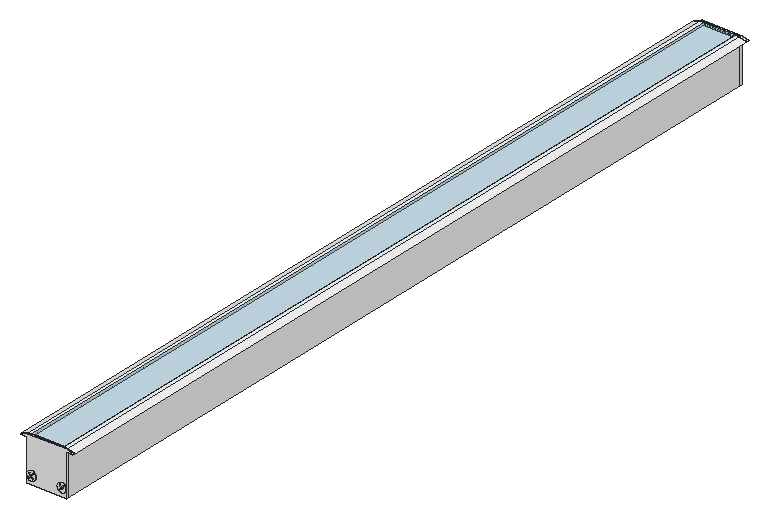
Revit family "LLED-RCR-4RF", category Lighting Fixtures, Revit 2017
Family settings
  Round Connector Dimension = Use Diameter
  Part Type = Normal
  OmniClass Number = 23.80.70.00
  OmniClass Title = Lighting
  Work Plane-Based = No
  Always vertical = Yes
  Cut with Voids When Loaded = No
  Light Source = Yes
  Shared = No
  Room Calculation Point = No
Parameters (values of type "LLED-RCR")
  Wattage = 9.2903 W
  built-in parameter 1150110 = 1 (stored number, unit not read)
  built-in parameter 1114217 = 1 (stored number, unit not read)
  Tilt Angle = 60.00°
  built-in parameter 1150109 = 1 (stored number, unit not read)
  built-in parameter 1150134 = 3
  built-in parameter 1150113 = 1 (stored number, unit not read)
  Photometric Web File = "generic"
  built-in parameter 1150142 = (empty or 0)
  built-in parameter 1150105 = 109.82 (stored number, unit not read)
  Lumens = 1380 lm
  built-in parameter 1150115 = 1 (stored number, unit not read)
  built-in parameter 1150137 = (empty or 0)
  built-in parameter 1150139 = (empty or 0)
  Length = 24.00"
  built-in parameter 1150112 = 1 (stored number, unit not read)
  built-in parameter 1150114 = 1 (stored number, unit not read)
  built-in parameter 1150132 = (empty or 0)
  built-in parameter 1150102 = (empty or 0)
  built-in parameter 1150107 = 3200 (stored number, unit not read)
  built-in parameter 1150138 = (empty or 0)
  built-in parameter 1150106 = 1.0982 (stored number, unit not read)
  Fixture Cap = Fixture Cap
  Fixture = Fixture
  Emit from Line Length = Length  # 24.00"
  built-in parameter 1150104 = 13.8 (stored number, unit not read)
  Dimming Lamp Color Temperature Shift = <None>
  Color Filter = 16777215
  built-in parameter 1114218 = 1 (stored number, unit not read)
  built-in parameter 1150133 = 10 (stored number, unit not read)
Reference planes (in)
  plane 1 "Light Source Axis (F/B)": y = 0
  plane 2: z = 0
  plane 3 "Light Source Axis (L/R)": x = 0
  plane 4 "Light Source Elevation": z = 84.35325
  plane 5: y = 12
  plane 6: y = -12
  plane 7: y = 12.05
  plane 8: y = -12.05
Forms (in)
  Extrusion 1, solid, material "Fixture Cap" <- "Fixture Cap"
    sketch origin (-0.34703, -0.38036, -0.00531) x (1, 0, 0) y (0, 0, 1)
      loop
        circle (0.66984, 0.23331) r 0.13
      loop
        line (0.61655, 0.3043) -> (0.59347, 0.28122) -> (0.64297, 0.23173) -> (0.59543, 0.18419) -> (0.61991, 0.15972) -> (0.66744, 0.20725) -> (0.7141, 0.16059) -> (0.73718, 0.18367) -> (0.69051, 0.23033) -> (0.73783, 0.27765) -> (0.71336, 0.30212) -> (0.66604, 0.2548) -> (0.61655, 0.3043)
      loop
        circle (1.5328, 0.23331) r 0.13
      loop
        line (1.58609, 0.3043) -> (1.53659, 0.2548) -> (1.48928, 0.30212) -> (1.46481, 0.27765) -> (1.51212, 0.23033) -> (1.46546, 0.18367) -> (1.48853, 0.16059) -> (1.5352, 0.20725) -> (1.58273, 0.15972) -> (1.6072, 0.18419) -> (1.55967, 0.23173) -> (1.60917, 0.28122) -> (1.58609, 0.3043)
    from 11.66964 to 11.61964
  Extrusion 2, solid, material "Fixture Cap" <- "Fixture Cap"
    sketch origin (-0.34703, 0.38036, -0.00531) x (1, 0, 0) y (0, 0, -1)
      loop
        circle (0.66984, -0.23331) r 0.13
      loop
        line (0.61655, -0.3043) -> (0.66604, -0.2548) -> (0.71336, -0.30212) -> (0.73783, -0.27765) -> (0.69051, -0.23033) -> (0.73718, -0.18367) -> (0.7141, -0.16059) -> (0.66744, -0.20725) -> (0.61991, -0.15972) -> (0.59543, -0.18419) -> (0.64297, -0.23173) -> (0.59347, -0.28122) -> (0.61655, -0.3043)
      loop
        circle (1.5328, -0.23331) r 0.13
      loop
        line (1.58609, -0.3043) -> (1.60917, -0.28122) -> (1.55967, -0.23173) -> (1.6072, -0.18419) -> (1.58273, -0.15972) -> (1.5352, -0.20725) -> (1.48853, -0.16059) -> (1.46546, -0.18367) -> (1.51212, -0.23033) -> (1.46481, -0.27765) -> (1.48928, -0.30212) -> (1.53659, -0.2548) -> (1.58609, -0.3043)
    from 11.66964 to 11.61964
  Extrusion 3, solid, material "Fixture" <- "Fixture"
    sketch origin (-0.45226, 0, -83.4105) x (1, 0, 0) y (0, 0, 1)
      loop
        line (1.77312, 84.6705) -> (1.67179, 84.6705) -> (1.67179, 84.59757) -> (0.74312, 84.59757) -> (0.74312, 84.6705) -> (0.64312, 84.6705) -> (0.45312, 84.59757) -> (0.64312, 84.59757) -> (0.64312, 83.4105) -> (1.77312, 83.4105) -> (1.77312, 84.59757) -> (1.96312, 84.59757) -> (1.77312, 84.6705)
      loop
        line (0.67312, 84.56757) -> (0.67312, 83.4405) -> (1.74312, 83.4405) -> (1.74312, 84.56757) -> (0.67312, 84.56757)
    from -12 to 12
  Extrusion 4, solid, material "Glass"
    sketch origin (-0.59993, 0, -82.7872) x (1, 0, 0) y (0, 0, 1)
      loop
        line (0.89079, 84.0472) -> (0.89079, 84.0129) -> (1.81946, 84.0129) -> (1.81946, 84.0472) -> (0.89079, 84.0472)
    from -12 to 12
  Extrusion 5, solid, material "Fixture Cap" <- "Fixture Cap"
    sketch origin (-0.45226, 0.17192, -83.75425) x (1, 0, 0) y (0, 0, 1)
      loop
        line (0.64312, 84.94132) -> (0.64312, 83.75425) -> (1.77312, 83.75425) -> (1.77312, 84.94132) -> (1.96312, 84.94132) -> (1.77312, 85.01425) -> (0.64312, 85.01425) -> (0.45312, 84.94132) -> (0.64312, 84.94132)
    from 12.17192 to 12.22192
  Extrusion 6, solid, material "Fixture Cap" <- "Fixture Cap"
    sketch origin (-0.45226, -0.17192, -83.75425) x (1, 0, 0) y (0, 0, -1)
      loop
        line (0.64312, -84.94132) -> (0.45312, -84.94132) -> (0.64312, -85.01425) -> (1.77312, -85.01425) -> (1.96312, -84.94132) -> (1.77312, -84.94132) -> (1.77312, -83.75425) -> (0.64312, -83.75425) -> (0.64312, -84.94132)
    from 12.17192 to 12.22192
Dimensions and locks (in)
  equal spacing: plane 5, plane 1 "Light Source Axis (F/B)", plane 6
  "Length": plane 5 to plane 6
  Extrusion 5 to Extrusion 5 = 1.26"
  Extrusion 5 to Extrusion 5 = 1.51"
  Extrusion 5 to Extrusion 5 = 1.13"
  locked: plane 7 to plane 5 at 0.05
  locked: plane 6 to plane 8 at 0.05
  aligned and locked: level to plane 2
  aligned and locked: Extrusion 3 to Extrusion 4  (x2)
  aligned and locked: Extrusion 6 to Extrusion 2
  aligned and locked: Extrusion 5 to Extrusion 1
  aligned and locked: Extrusion 6 to plane 5
  aligned and locked: Extrusion 2 to plane 5
  aligned and locked: plane 7 to Extrusion 6
  aligned and locked: plane 6 to Extrusion 5
  aligned and locked: plane 6 to Extrusion 1
  aligned and locked: plane 8 to Extrusion 5
Automatic sketch dimensions
  plane 3 "Light Source Axis (L/R)" to Extrusion 1 sketch curve = 0.24645"
  plane 3 "Light Source Axis (L/R)" to Extrusion 1 sketch curve = 0.24841"
  Extrusion 1 sketch curve to Extrusion 1 sketch curve = 0.02307"  (x4)
  Extrusion 1 sketch curve to Extrusion 1 sketch curve = 0.02447"  (x3)
  Extrusion 1 sketch curve to Extrusion 1 sketch curve = 0.04753"
  Extrusion 1 sketch curve to Extrusion 1 sketch curve = 0.0038"
  Extrusion 1 sketch curve to Extrusion 1 sketch curve = 0.02067"  (x2)
  Extrusion 1 sketch curve to Extrusion 1 sketch curve = 0.04732"
  Extrusion 1 sketch curve to Extrusion 1 sketch curve = 0.04666"
  Extrusion 1 sketch curve to Extrusion 1 sketch curve = 0.72698"
  level to Extrusion 1 sketch curve = 0.17835"
  Extrusion 1 sketch curve to Extrusion 1 sketch curve = 0.00065"
  level to Extrusion 1 sketch curve = 0.15528"
  level to Extrusion 1 sketch curve = 0.29681"
  level to Extrusion 1 sketch curve = 0.20194"
  level to Extrusion 1 sketch curve = 0.24949"
  level to Extrusion 1 sketch curve = 0.22641"
  Extrusion 1 sketch curve to Extrusion 1 sketch curve = 0.02687"
  level to Extrusion 1 sketch curve = 0.15441"  (x2)
  level to Extrusion 1 sketch curve = 0.29899"
  Extrusion 1 sketch curve to Extrusion 1 sketch curve = 0.00087"
  Extrusion 1 sketch curve to Extrusion 1 sketch curve = 0.00298"  (x2)
  plane 3 "Light Source Axis (L/R)" to Extrusion 2 sketch curve = 0.24645"
  plane 3 "Light Source Axis (L/R)" to Extrusion 2 sketch curve = 0.24841"
  Extrusion 2 sketch curve to Extrusion 2 sketch curve = 0.02307"  (x4)
  Extrusion 2 sketch curve to Extrusion 2 sketch curve = 0.02447"  (x3)
  Extrusion 2 sketch curve to Extrusion 2 sketch curve = 0.04753"
  Extrusion 2 sketch curve to Extrusion 2 sketch curve = 0.0038"
  Extrusion 2 sketch curve to Extrusion 2 sketch curve = 0.02067"  (x2)
  Extrusion 2 sketch curve to Extrusion 2 sketch curve = 0.04732"
  Extrusion 2 sketch curve to Extrusion 2 sketch curve = 0.04666"
  Extrusion 2 sketch curve to Extrusion 2 sketch curve = 0.72698"
  level to Extrusion 2 sketch curve = 0.17835"
  Extrusion 2 sketch curve to Extrusion 2 sketch curve = 0.00065"
  level to Extrusion 2 sketch curve = 0.15528"
  level to Extrusion 2 sketch curve = 0.29681"
  level to Extrusion 2 sketch curve = 0.20194"
  level to Extrusion 2 sketch curve = 0.24949"
  Extrusion 2 sketch curve to Extrusion 2 sketch curve = 0.02687"
  level to Extrusion 2 sketch curve = 0.15441"
  level to Extrusion 2 sketch curve = 0.29899"  (x2)
  level to Extrusion 2 sketch curve = 0.17888"
  Extrusion 2 sketch curve to Extrusion 2 sketch curve = 0.00218"
  Extrusion 2 sketch curve to Extrusion 2 sketch curve = 0.00298"  (x2)
  plane 3 "Light Source Axis (L/R)" to Extrusion 3 sketch curve = 0.00086"
  plane 4 "Light Source Elevation" to Extrusion 3 sketch curve = 83.09325"
  Extrusion 3 sketch curve to Extrusion 3 sketch curve = 0.19"  (x2)
  Extrusion 3 sketch curve to Extrusion 3 sketch curve = 0.00"  (x2)
  Extrusion 3 sketch curve to Extrusion 3 sketch curve = 0.92867"
  Extrusion 3 sketch curve to Extrusion 3 sketch curve = 0.10133"
  Extrusion 3 sketch curve to Extrusion 3 sketch curve = 1.18707"
  Extrusion 3 sketch curve to Extrusion 3 sketch curve = 0.07293"
  plane 4 "Light Source Elevation" to Extrusion 4 sketch curve = 83.12755"
  plane 3 "Light Source Axis (L/R)" to Extrusion 4 sketch curve = 0.29086"
  Extrusion 4 sketch curve to Extrusion 4 sketch curve = 0.92867"
  Extrusion 4 sketch curve to Extrusion 4 sketch curve = 0.03429"
  plane 4 "Light Source Elevation" to Extrusion 5 sketch curve = 83.16619"  (x2)
  plane 3 "Light Source Axis (L/R)" to Extrusion 5 sketch curve = 0.00086"
  plane 4 "Light Source Elevation" to Extrusion 5 sketch curve = 83.09325"
  Extrusion 5 sketch curve to Extrusion 5 sketch curve = 0.19"  (x3)
  Extrusion 5 sketch curve to Extrusion 5 sketch curve = 1.13"
  Extrusion 5 sketch curve to Extrusion 5 sketch curve = 0.00"
  Extrusion 5 sketch curve to Extrusion 5 sketch curve = 1.18707"
  plane 4 "Light Source Elevation" to Extrusion 6 sketch curve = 83.16619"  (x2)
  plane 3 "Light Source Axis (L/R)" to Extrusion 6 sketch curve = 0.00086"
  plane 4 "Light Source Elevation" to Extrusion 6 sketch curve = 83.09325"
  Extrusion 6 sketch curve to Extrusion 6 sketch curve = 0.19"  (x3)
  Extrusion 6 sketch curve to Extrusion 6 sketch curve = 1.13"
  Extrusion 6 sketch curve to Extrusion 6 sketch curve = 0.00"
  Extrusion 6 sketch curve to Extrusion 6 sketch curve = 1.18707"
  Extrusion 3 sketch curve to Extrusion 3 sketch curve = 0.07"
  Extrusion 3 sketch curve to Extrusion 3 sketch curve = 0.07133"
  Extrusion 3 sketch curve to Extrusion 3 sketch curve = 0.03"  (x4)
  level to Extrusion 3 sketch curve = 0.03"
  Extrusion 3 sketch curve to level = 0.00"
  radius of Extrusion 1 sketch curve = 0.13"  (x2)
  radius of Extrusion 2 sketch curve = 0.13"  (x2)
